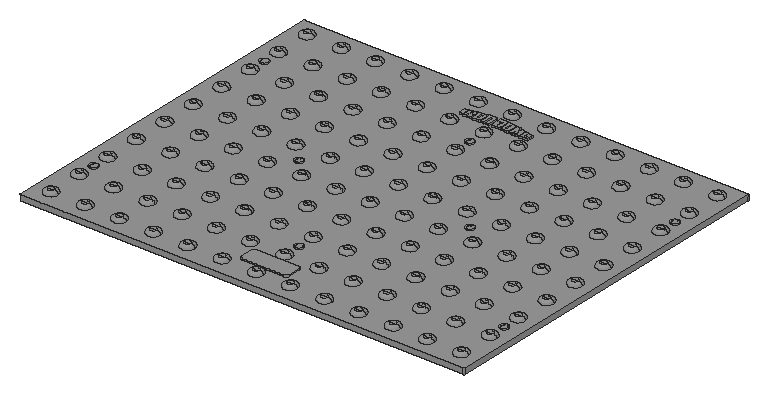
Revit family "Detectable-Warning-Surfaces_Cast-Iron-Dome-24x30_ADA-Solutions", category Generic Models, host Floor, Revit 2026 (continued)
Automatic sketch dimensions
  Extrusion 2 sketch curve to Extrusion 2 sketch curve = 0.11844"
  Extrusion 2 sketch curve to Extrusion 1 = 2.1853"
  Extrusion 2 sketch curve to Extrusion 2 sketch curve = 0.08477"
  Extrusion 2 sketch curve to Extrusion 2 sketch curve = 0.22495"
  Extrusion 2 sketch curve to Extrusion 1 = 2.00409"
  Extrusion 2 sketch curve to Extrusion 2 sketch curve = 0.15815"
  Extrusion 2 sketch curve to Extrusion 1 = 2.24003"
  Extrusion 2 sketch curve to Extrusion 2 sketch curve = 0.1587"
  Extrusion 2 sketch curve to Extrusion 1 = 2.30621"
  Extrusion 2 sketch curve to Extrusion 2 sketch curve = 0.00154"
  Extrusion 2 sketch curve to Extrusion 1 = 2.78982"
  Extrusion 2 sketch curve to Extrusion 2 sketch curve = 0.15845"
  Extrusion 2 sketch curve to Extrusion 1 = 2.30566"
  Extrusion 2 sketch curve to Extrusion 2 sketch curve = 0.23529"
  Extrusion 2 sketch curve to Extrusion 2 sketch curve = 0.03025"
  Extrusion 2 sketch curve to Extrusion 1 = 2.56104"
  Extrusion 2 sketch curve to Extrusion 2 sketch curve = 0.10088"
  Extrusion 2 sketch curve to Extrusion 1 = 2.24107"
  Extrusion 2 sketch curve to Extrusion 2 sketch curve = 0.04643"
  Extrusion 2 sketch curve to Extrusion 2 sketch curve = 0.09579"
  Extrusion 2 sketch curve to Extrusion 2 sketch curve = 0.14567"
  Extrusion 2 sketch curve to Extrusion 1 = 2.6426"
  Extrusion 2 sketch curve to Extrusion 2 sketch curve = 0.08155"
  Extrusion 2 sketch curve to Extrusion 1 = 2.21346"
  Extrusion 2 sketch curve to Extrusion 2 sketch curve = 0.08206"
  Extrusion 2 sketch curve to Extrusion 2 sketch curve = 0.03072"
  Extrusion 2 sketch curve to Extrusion 1 = 2.03191"
  Extrusion 2 sketch curve to Extrusion 2 sketch curve = 0.18127"
  Extrusion 2 sketch curve to Extrusion 1 = 2.78985"
  Extrusion 2 sketch curve to Extrusion 2 sketch curve = 0.07918"
  Extrusion 2 sketch curve to Extrusion 2 sketch curve = 0.1713"
  Extrusion 2 sketch curve to Extrusion 1 = 2.5705"
  Extrusion 2 sketch curve to Extrusion 2 sketch curve = 0.05311"
  Extrusion 2 sketch curve to Extrusion 1 = 2.25693"
  Extrusion 2 sketch curve to Extrusion 2 sketch curve = 0.22682"
  Extrusion 2 sketch curve to Extrusion 2 sketch curve = 0.0307"
  Extrusion 2 sketch curve to Extrusion 2 sketch curve = 0.08267"
  Extrusion 2 sketch curve to Extrusion 1 = 2.57185"
  Extrusion 2 sketch curve to Extrusion 2 sketch curve = 0.01597"
  Extrusion 2 sketch curve to Extrusion 1 = 2.26393"
  Extrusion 2 sketch curve to Extrusion 2 sketch curve = 0.0244"
  Extrusion 2 sketch curve to Extrusion 1 = 2.78867"
  Extrusion 2 sketch curve to Extrusion 2 sketch curve = 0.16541"
  Extrusion 2 sketch curve to Extrusion 1 = 2.0654"
  Extrusion 2 sketch curve to Extrusion 2 sketch curve = 0.12339"
  Extrusion 2 sketch curve to Extrusion 1 = 2.59933"
  Extrusion 2 sketch curve to Extrusion 2 sketch curve = 0.08734"
  Extrusion 2 sketch curve to Extrusion 1 = 2.23769"
  Extrusion 2 sketch curve to Extrusion 2 sketch curve = 0.08732"
  Extrusion 2 sketch curve to Extrusion 1 = 2.79059"
  Extrusion 2 sketch curve to Extrusion 2 sketch curve = 0.11185"
  Extrusion 2 sketch curve to Extrusion 1 = 2.08125"
  Extrusion 2 sketch curve to Extrusion 2 sketch curve = 0.11899"
  Extrusion 2 sketch curve to Extrusion 1 = 2.78967"
  Extrusion 2 sketch curve to Extrusion 2 sketch curve = 0.21542"
  Extrusion 2 sketch curve to Extrusion 1 = 2.5918"
  Extrusion 2 sketch curve to Extrusion 2 sketch curve = 0.00261"
  Extrusion 2 sketch curve to Extrusion 1 = 2.12234"
  Extrusion 2 sketch curve to Extrusion 2 sketch curve = 0.25784"
  Extrusion 2 sketch curve to Extrusion 2 sketch curve = 0.06914"
  Extrusion 2 sketch curve to Extrusion 1 = 2.35908"
  Extrusion 2 sketch curve to Extrusion 2 sketch curve = 0.07933"
  Extrusion 2 sketch curve to Extrusion 2 sketch curve = 2.81"
  Extrusion 2 sketch curve to Extrusion 2 sketch curve = 0"  (x4)
  Extrusion 2 sketch curve to Extrusion 2 sketch curve = 0.11008"
  Extrusion 2 sketch curve to Extrusion 1 = 2.14876"
  Extrusion 2 sketch curve to Extrusion 2 sketch curve = 0.16736"
  Extrusion 2 sketch curve to Extrusion 1 = 2.79007"
  Extrusion 2 sketch curve to Extrusion 2 sketch curve = 0.07795"
  Extrusion 2 sketch curve to Extrusion 1 = 2.59091"
  Extrusion 2 sketch curve to Extrusion 2 sketch curve = 0.00341"
  Extrusion 2 sketch curve to Extrusion 2 sketch curve = 0.20716"
  Extrusion 2 sketch curve to Extrusion 1 = 2.21068"
  Extrusion 2 sketch curve to Extrusion 2 sketch curve = 0.25433"
  Extrusion 2 sketch curve to Extrusion 2 sketch curve = 0.02672"
  Extrusion 2 sketch curve to Extrusion 1 = 2.21712"
  Extrusion 2 sketch curve to Extrusion 2 sketch curve = 0.02644"
  Extrusion 2 sketch curve to Extrusion 1 = 2.64652"
  Extrusion 2 sketch curve to Extrusion 2 sketch curve = 0.23151"
  Extrusion 2 sketch curve to Extrusion 1 = 2.60785"
  Extrusion 2 sketch curve to Extrusion 2 sketch curve = 0.00048"
  Extrusion 2 sketch curve to Extrusion 2 sketch curve = 0.00174"
  Extrusion 2 sketch curve to Extrusion 1 = 2.49887"
  Extrusion 2 sketch curve to Extrusion 2 sketch curve = 0.32292"
  Extrusion 2 sketch curve to Extrusion 2 sketch curve = 0.00053"  (x2)
  Extrusion 2 sketch curve to Extrusion 1 = 2.64206"
  Extrusion 2 sketch curve to Extrusion 2 sketch curve = 0.8"
  Extrusion 2 sketch curve to Extrusion 2 sketch curve = 0.30294"
  Extrusion 2 sketch curve to Extrusion 2 sketch curve = 0.00022"
  Extrusion 2 sketch curve to Extrusion 2 sketch curve = 0.00003"
  Extrusion 2 sketch curve to Extrusion 2 sketch curve = 0.00035"
  Extrusion 2 sketch curve to Extrusion 2 sketch curve = 0.00043"
  Extrusion 2 sketch curve to Extrusion 2 sketch curve = 0.10541"
  Extrusion 2 sketch curve to Extrusion 2 sketch curve = 0.03144"
  Extrusion 2 sketch curve to Extrusion 2 sketch curve = 0.06466"
  Extrusion 2 sketch curve to Extrusion 2 sketch curve = 0.00057"
  Extrusion 2 sketch curve to Extrusion 2 sketch curve = 0.03173"
  Extrusion 2 sketch curve to Extrusion 2 sketch curve = 0.13702"
  Extrusion 2 sketch curve to Extrusion 2 sketch curve = 0.03855"
  Extrusion 2 sketch curve to Extrusion 2 sketch curve = 0.00666"
  Extrusion 2 sketch curve to Extrusion 2 sketch curve = 0.01679"
  Extrusion 2 sketch curve to Extrusion 2 sketch curve = 0.0396"
  Extrusion 2 sketch curve to Extrusion 2 sketch curve = 0.07817"
  Extrusion 2 sketch curve to Extrusion 2 sketch curve = 0.00922"
  Extrusion 2 sketch curve to Extrusion 2 sketch curve = 0.06209"
  Extrusion 134 sketch curve to plane 7 = 1.14575"  (x2)
  Extrusion 134 sketch curve to plane 1 "Center (Front/Back)" = 0.00197"  (x2)
  Extrusion 134 sketch curve to plane 3 "Center (Left/Right)" = 5.77161"
  Extrusion 134 sketch curve to plane 3 "Center (Left/Right)" = 0.00303"  (x2)
  plane 3 "Center (Left/Right)" to Extrusion 134 sketch curve = 5.771"
  plane 6 to Extrusion 134 sketch curve = 1.15525"  (x2)
  Extrusion 134 sketch curve to plane 5 = 4.80184"  (x2)
  Extrusion 134 sketch curve to plane 5 = 4.79137"
  plane 4 to Extrusion 134 sketch curve = 4.8084"
  plane 4 to Extrusion 134 sketch curve = 4.80184"  (x2)
  Revolve 135 sketch curve to Revolve 135 sketch curve = 0.20697"
  Revolve 135 sketch curve to Revolve 135 sketch curve = 0.22892"
  Revolve 135 sketch curve to Revolve 135 sketch curve = 0.22606"
  Revolve 135 sketch curve to Revolve 135 sketch curve = 0.03352"
  Revolve 135 sketch curve to Revolve 135 sketch curve = 0"  (x3)
  Revolve 136 sketch curve to Revolve 136 sketch curve = 0.20697"
  Revolve 136 sketch curve to Revolve 136 sketch curve = 0.22892"
  Revolve 136 sketch curve to Revolve 136 sketch curve = 0.22606"
  Revolve 136 sketch curve to Revolve 136 sketch curve = 0.03352"
  Revolve 136 sketch curve to Revolve 136 sketch curve = 0"  (x3)
  Revolve 137 sketch curve to Revolve 137 sketch curve = 0.20697"
  Revolve 137 sketch curve to Revolve 137 sketch curve = 0.22892"
  Revolve 137 sketch curve to Revolve 137 sketch curve = 0.22606"
  Revolve 137 sketch curve to Revolve 137 sketch curve = 0.03352"
  Revolve 137 sketch curve to Revolve 137 sketch curve = 0"  (x3)
  Revolve 138 sketch curve to Revolve 138 sketch curve = 0.20697"
  Revolve 138 sketch curve to Revolve 138 sketch curve = 0.22892"
  Revolve 138 sketch curve to Revolve 138 sketch curve = 0.22606"
  Revolve 138 sketch curve to Revolve 138 sketch curve = 0.03352"
  Revolve 138 sketch curve to Revolve 138 sketch curve = 0"  (x3)
  Revolve 139 sketch curve to Revolve 139 sketch curve = 0.20697"
  Revolve 139 sketch curve to Revolve 139 sketch curve = 0.22892"
  Revolve 139 sketch curve to Revolve 139 sketch curve = 0.22606"
  Revolve 139 sketch curve to Revolve 139 sketch curve = 0.03352"
  Revolve 139 sketch curve to Revolve 139 sketch curve = 0"  (x3)
  Revolve 140 sketch curve to Revolve 140 sketch curve = 0.20697"
  Revolve 140 sketch curve to Revolve 140 sketch curve = 0.22892"
  Revolve 140 sketch curve to Revolve 140 sketch curve = 0.22606"
  Revolve 140 sketch curve to Revolve 140 sketch curve = 0.03352"
  Revolve 140 sketch curve to Revolve 140 sketch curve = 0"  (x3)
  Revolve 141 sketch curve to Revolve 141 sketch curve = 0.20697"
  Revolve 141 sketch curve to Revolve 141 sketch curve = 0.22892"
  Revolve 141 sketch curve to Revolve 141 sketch curve = 0.22606"
  Revolve 141 sketch curve to Revolve 141 sketch curve = 0.03352"
  Revolve 141 sketch curve to Revolve 141 sketch curve = 0"  (x3)
  Revolve 142 sketch curve to Revolve 142 sketch curve = 0.20697"
  Revolve 142 sketch curve to Revolve 142 sketch curve = 0.22892"
  Revolve 142 sketch curve to Revolve 142 sketch curve = 0.22606"
  Revolve 142 sketch curve to Revolve 142 sketch curve = 0.03352"
  Revolve 142 sketch curve to Revolve 142 sketch curve = 0"  (x3)
  Revolve 143 sketch curve to Revolve 143 sketch curve = 0.20697"
  Revolve 143 sketch curve to Revolve 143 sketch curve = 0.22892"
  Revolve 143 sketch curve to Revolve 143 sketch curve = 0.22606"
  Revolve 143 sketch curve to Revolve 143 sketch curve = 0.03352"
  Revolve 143 sketch curve to Revolve 143 sketch curve = 0"  (x3)
  Revolve 144 sketch curve to Revolve 144 sketch curve = 0.20697"
  Revolve 144 sketch curve to Revolve 144 sketch curve = 0.22892"
  Revolve 144 sketch curve to Revolve 144 sketch curve = 0.22606"
  Revolve 144 sketch curve to Revolve 144 sketch curve = 0.03352"
  Revolve 144 sketch curve to Revolve 144 sketch curve = 0"  (x3)
  Revolve 145 sketch curve to Revolve 145 sketch curve = 0.20697"
  Revolve 145 sketch curve to Revolve 145 sketch curve = 0.22892"
  Revolve 145 sketch curve to Revolve 145 sketch curve = 0.22606"
  Revolve 145 sketch curve to Revolve 145 sketch curve = 0.03352"
  Revolve 145 sketch curve to Revolve 145 sketch curve = 0"  (x3)
  Revolve 146 sketch curve to Revolve 146 sketch curve = 0.20697"
  Revolve 146 sketch curve to Revolve 146 sketch curve = 0.22892"
  Revolve 146 sketch curve to Revolve 146 sketch curve = 0.22606"
  Revolve 146 sketch curve to Revolve 146 sketch curve = 0.03352"
  Revolve 146 sketch curve to Revolve 146 sketch curve = 0"  (x3)
  Revolve 147 sketch curve to Revolve 147 sketch curve = 0.20697"
  Revolve 147 sketch curve to Revolve 147 sketch curve = 0.22892"
  Revolve 147 sketch curve to Revolve 147 sketch curve = 0.22606"
  Revolve 147 sketch curve to Revolve 147 sketch curve = 0.03352"
  Revolve 147 sketch curve to Revolve 147 sketch curve = 0"  (x3)
  Revolve 148 sketch curve to Revolve 148 sketch curve = 0.20697"
  Revolve 148 sketch curve to Revolve 148 sketch curve = 0.22892"
  Revolve 148 sketch curve to Revolve 148 sketch curve = 0.22606"
  Revolve 148 sketch curve to Revolve 148 sketch curve = 0.03352"
  Revolve 148 sketch curve to Revolve 148 sketch curve = 0"  (x3)
  Revolve 149 sketch curve to Revolve 149 sketch curve = 0.20697"
  Revolve 149 sketch curve to Revolve 149 sketch curve = 0.22892"
  Revolve 149 sketch curve to Revolve 149 sketch curve = 0.22606"
  Revolve 149 sketch curve to Revolve 149 sketch curve = 0.03352"
  Revolve 149 sketch curve to Revolve 149 sketch curve = 0"  (x3)
  Revolve 150 sketch curve to Revolve 150 sketch curve = 0.20697"
  Revolve 150 sketch curve to Revolve 150 sketch curve = 0.22892"
  Revolve 150 sketch curve to Revolve 150 sketch curve = 0.22606"
  Revolve 150 sketch curve to Revolve 150 sketch curve = 0.03352"
  Revolve 150 sketch curve to Revolve 150 sketch curve = 0"  (x3)
  Revolve 151 sketch curve to Revolve 151 sketch curve = 0.20697"
  Revolve 151 sketch curve to Revolve 151 sketch curve = 0.22892"
  Revolve 151 sketch curve to Revolve 151 sketch curve = 0.22606"
  Revolve 151 sketch curve to Revolve 151 sketch curve = 0.03352"
  Revolve 151 sketch curve to Revolve 151 sketch curve = 0"  (x3)
  Revolve 152 sketch curve to Revolve 152 sketch curve = 0.20697"
  Revolve 152 sketch curve to Revolve 152 sketch curve = 0.22892"
  Revolve 152 sketch curve to Revolve 152 sketch curve = 0.22606"
  Revolve 152 sketch curve to Revolve 152 sketch curve = 0.03352"
  Revolve 152 sketch curve to Revolve 152 sketch curve = 0"  (x3)
  Revolve 153 sketch curve to Revolve 153 sketch curve = 0.20697"
  Revolve 153 sketch curve to Revolve 153 sketch curve = 0.22892"
  Revolve 153 sketch curve to Revolve 153 sketch curve = 0.22606"
  Revolve 153 sketch curve to Revolve 153 sketch curve = 0.03352"
  Revolve 153 sketch curve to Revolve 153 sketch curve = 0"  (x3)
  Revolve 154 sketch curve to Revolve 154 sketch curve = 0.20697"
  Revolve 154 sketch curve to Revolve 154 sketch curve = 0.22892"
  Revolve 154 sketch curve to Revolve 154 sketch curve = 0.22606"
  Revolve 154 sketch curve to Revolve 154 sketch curve = 0.03352"
  Revolve 154 sketch curve to Revolve 154 sketch curve = 0"  (x3)
  Revolve 155 sketch curve to Revolve 155 sketch curve = 0.20697"
  Revolve 155 sketch curve to Revolve 155 sketch curve = 0.22892"
  Revolve 155 sketch curve to Revolve 155 sketch curve = 0.22606"
  Revolve 155 sketch curve to Revolve 155 sketch curve = 0.03352"
  Revolve 155 sketch curve to Revolve 155 sketch curve = 0"  (x3)
  Revolve 156 sketch curve to Revolve 156 sketch curve = 0.20697"
  Revolve 156 sketch curve to Revolve 156 sketch curve = 0.22892"
  Revolve 156 sketch curve to Revolve 156 sketch curve = 0.22606"
  Revolve 156 sketch curve to Revolve 156 sketch curve = 0.03352"
  Revolve 156 sketch curve to Revolve 156 sketch curve = 0"  (x3)
  Revolve 157 sketch curve to Revolve 157 sketch curve = 0.20697"
  Revolve 157 sketch curve to Revolve 157 sketch curve = 0.22892"
  Revolve 157 sketch curve to Revolve 157 sketch curve = 0.22606"
  Revolve 157 sketch curve to Revolve 157 sketch curve = 0.03352"
  Revolve 157 sketch curve to Revolve 157 sketch curve = 0"  (x3)
  Revolve 158 sketch curve to Revolve 158 sketch curve = 0.20697"
  Revolve 158 sketch curve to Revolve 158 sketch curve = 0.22892"
  Revolve 158 sketch curve to Revolve 158 sketch curve = 0.22606"
  Revolve 158 sketch curve to Revolve 158 sketch curve = 0.03352"
  Revolve 158 sketch curve to Revolve 158 sketch curve = 0"  (x3)
  Revolve 159 sketch curve to Revolve 159 sketch curve = 0.20697"
  Revolve 159 sketch curve to Revolve 159 sketch curve = 0.22892"
  Revolve 159 sketch curve to Revolve 159 sketch curve = 0.22606"
  Revolve 159 sketch curve to Revolve 159 sketch curve = 0.03352"
  Revolve 159 sketch curve to Revolve 159 sketch curve = 0"  (x3)
  Revolve 160 sketch curve to Revolve 160 sketch curve = 0.20697"
  Revolve 160 sketch curve to Revolve 160 sketch curve = 0.22892"
  Revolve 160 sketch curve to Revolve 160 sketch curve = 0.22606"
  Revolve 160 sketch curve to Revolve 160 sketch curve = 0.03352"
  Revolve 160 sketch curve to Revolve 160 sketch curve = 0"  (x3)
  Revolve 161 sketch curve to Revolve 161 sketch curve = 0.20697"
  Revolve 161 sketch curve to Revolve 161 sketch curve = 0.22892"
  Revolve 161 sketch curve to Revolve 161 sketch curve = 0.22606"
  Revolve 161 sketch curve to Revolve 161 sketch curve = 0.03352"
  Revolve 161 sketch curve to Revolve 161 sketch curve = 0"  (x3)
  Revolve 162 sketch curve to Revolve 162 sketch curve = 0.20697"
  Revolve 162 sketch curve to Revolve 162 sketch curve = 0.22892"
  Revolve 162 sketch curve to Revolve 162 sketch curve = 0.22606"
  Revolve 162 sketch curve to Revolve 162 sketch curve = 0.03352"
  Revolve 162 sketch curve to Revolve 162 sketch curve = 0"  (x3)
  Revolve 163 sketch curve to Revolve 163 sketch curve = 0.20697"
  Revolve 163 sketch curve to Revolve 163 sketch curve = 0.22892"
  Revolve 163 sketch curve to Revolve 163 sketch curve = 0.22606"
  Revolve 163 sketch curve to Revolve 163 sketch curve = 0.03352"
  Revolve 163 sketch curve to Revolve 163 sketch curve = 0"  (x3)
  Revolve 164 sketch curve to Revolve 164 sketch curve = 0.20697"
  Revolve 164 sketch curve to Revolve 164 sketch curve = 0.22892"
  Revolve 164 sketch curve to Revolve 164 sketch curve = 0.22606"
  Revolve 164 sketch curve to Revolve 164 sketch curve = 0.03352"
  Revolve 164 sketch curve to Revolve 164 sketch curve = 0"  (x3)
  Revolve 165 sketch curve to Revolve 165 sketch curve = 0.20697"
  Revolve 165 sketch curve to Revolve 165 sketch curve = 0.22892"
  Revolve 165 sketch curve to Revolve 165 sketch curve = 0.22606"
  Revolve 165 sketch curve to Revolve 165 sketch curve = 0.03352"
  Revolve 165 sketch curve to Revolve 165 sketch curve = 0"  (x3)
  Revolve 166 sketch curve to Revolve 166 sketch curve = 0.20697"
  Revolve 166 sketch curve to Revolve 166 sketch curve = 0.22892"
  Revolve 166 sketch curve to Revolve 166 sketch curve = 0.22606"
  Revolve 166 sketch curve to Revolve 166 sketch curve = 0.03352"
  Revolve 166 sketch curve to Revolve 166 sketch curve = 0"  (x3)
  Revolve 167 sketch curve to Revolve 167 sketch curve = 0.20697"
  Revolve 167 sketch curve to Revolve 167 sketch curve = 0.22892"
  Revolve 167 sketch curve to Revolve 167 sketch curve = 0.22606"
  Revolve 167 sketch curve to Revolve 167 sketch curve = 0.03352"
  Revolve 167 sketch curve to Revolve 167 sketch curve = 0"  (x3)
  Revolve 168 sketch curve to Revolve 168 sketch curve = 0.20697"
  Revolve 168 sketch curve to Revolve 168 sketch curve = 0.22892"
  Revolve 168 sketch curve to Revolve 168 sketch curve = 0.22606"
  Revolve 168 sketch curve to Revolve 168 sketch curve = 0.03352"
  Revolve 168 sketch curve to Revolve 168 sketch curve = 0"  (x3)
  Revolve 169 sketch curve to Revolve 169 sketch curve = 0.20697"
  Revolve 169 sketch curve to Revolve 169 sketch curve = 0.22892"
  Revolve 169 sketch curve to Revolve 169 sketch curve = 0.22606"
  Revolve 169 sketch curve to Revolve 169 sketch curve = 0.03352"
  Revolve 169 sketch curve to Revolve 169 sketch curve = 0"  (x3)
  Revolve 170 sketch curve to Revolve 170 sketch curve = 0.20697"
  Revolve 170 sketch curve to Revolve 170 sketch curve = 0.22892"
  Revolve 170 sketch curve to Revolve 170 sketch curve = 0.22606"
  Revolve 170 sketch curve to Revolve 170 sketch curve = 0.03352"
  Revolve 170 sketch curve to Revolve 170 sketch curve = 0"  (x3)
  Revolve 171 sketch curve to Revolve 171 sketch curve = 0.20697"
  Revolve 171 sketch curve to Revolve 171 sketch curve = 0.22892"
  Revolve 171 sketch curve to Revolve 171 sketch curve = 0.22606"
  Revolve 171 sketch curve to Revolve 171 sketch curve = 0.03352"
  Revolve 171 sketch curve to Revolve 171 sketch curve = 0"  (x3)
  Revolve 172 sketch curve to Revolve 172 sketch curve = 0.20697"
  Revolve 172 sketch curve to Revolve 172 sketch curve = 0.22892"
  Revolve 172 sketch curve to Revolve 172 sketch curve = 0.22606"
  Revolve 172 sketch curve to Revolve 172 sketch curve = 0.03352"
  Revolve 172 sketch curve to Revolve 172 sketch curve = 0"  (x3)
  Revolve 173 sketch curve to Revolve 173 sketch curve = 0.20697"
  Revolve 173 sketch curve to Revolve 173 sketch curve = 0.22892"
  Revolve 173 sketch curve to Revolve 173 sketch curve = 0.22606"
  Revolve 173 sketch curve to Revolve 173 sketch curve = 0.03352"
  Revolve 173 sketch curve to Revolve 173 sketch curve = 0"  (x3)
  Revolve 174 sketch curve to Revolve 174 sketch curve = 0.20697"
  Revolve 174 sketch curve to Revolve 174 sketch curve = 0.22892"
  Revolve 174 sketch curve to Revolve 174 sketch curve = 0.22606"
  Revolve 174 sketch curve to Revolve 174 sketch curve = 0.03352"
  Revolve 174 sketch curve to Revolve 174 sketch curve = 0"  (x3)
  Revolve 175 sketch curve to Revolve 175 sketch curve = 0.20697"
  Revolve 175 sketch curve to Revolve 175 sketch curve = 0.22892"
  Revolve 175 sketch curve to Revolve 175 sketch curve = 0.22606"
  Revolve 175 sketch curve to Revolve 175 sketch curve = 0.03352"
  Revolve 175 sketch curve to Revolve 175 sketch curve = 0"  (x3)
  Revolve 176 sketch curve to Revolve 176 sketch curve = 0.20697"
  Revolve 176 sketch curve to Revolve 176 sketch curve = 0.22892"
  Revolve 176 sketch curve to Revolve 176 sketch curve = 0.22606"
  Revolve 176 sketch curve to Revolve 176 sketch curve = 0.03352"
  Revolve 176 sketch curve to Revolve 176 sketch curve = 0"  (x3)
  Revolve 177 sketch curve to Revolve 177 sketch curve = 0.20697"
  Revolve 177 sketch curve to Revolve 177 sketch curve = 0.22892"
  Revolve 177 sketch curve to Revolve 177 sketch curve = 0.22606"
  Revolve 177 sketch curve to Revolve 177 sketch curve = 0.03352"
  Revolve 177 sketch curve to Revolve 177 sketch curve = 0"  (x3)
  Revolve 178 sketch curve to Revolve 178 sketch curve = 0.20697"
  Revolve 178 sketch curve to Revolve 178 sketch curve = 0.22892"
  Revolve 178 sketch curve to Revolve 178 sketch curve = 0.22606"
  Revolve 178 sketch curve to Revolve 178 sketch curve = 0.03352"
  Revolve 178 sketch curve to Revolve 178 sketch curve = 0"  (x3)
  Revolve 179 sketch curve to Revolve 179 sketch curve = 0.20697"
  Revolve 179 sketch curve to Revolve 179 sketch curve = 0.22892"
  Revolve 179 sketch curve to Revolve 179 sketch curve = 0.22606"
  Revolve 179 sketch curve to Revolve 179 sketch curve = 0.03352"
  Revolve 179 sketch curve to Revolve 179 sketch curve = 0"  (x3)
  Revolve 180 sketch curve to Revolve 180 sketch curve = 0.20697"
  Revolve 180 sketch curve to Revolve 180 sketch curve = 0.22892"
  Revolve 180 sketch curve to Revolve 180 sketch curve = 0.22606"
  Revolve 180 sketch curve to Revolve 180 sketch curve = 0.03352"
  Revolve 180 sketch curve to Revolve 180 sketch curve = 0"  (x3)
  Revolve 181 sketch curve to Revolve 181 sketch curve = 0.20697"
  Revolve 181 sketch curve to Revolve 181 sketch curve = 0.22892"
  Revolve 181 sketch curve to Revolve 181 sketch curve = 0.22606"
  Revolve 181 sketch curve to Revolve 181 sketch curve = 0.03352"
  Revolve 181 sketch curve to Revolve 181 sketch curve = 0"  (x3)
  Revolve 182 sketch curve to Revolve 182 sketch curve = 0.20697"
  Revolve 182 sketch curve to Revolve 182 sketch curve = 0.22892"
  Revolve 182 sketch curve to Revolve 182 sketch curve = 0.22606"
  Revolve 182 sketch curve to Revolve 182 sketch curve = 0.03352"
  Revolve 182 sketch curve to Revolve 182 sketch curve = 0"  (x3)
  Revolve 183 sketch curve to Revolve 183 sketch curve = 0.20697"
  Revolve 183 sketch curve to Revolve 183 sketch curve = 0.22892"
  Revolve 183 sketch curve to Revolve 183 sketch curve = 0.22606"
  Revolve 183 sketch curve to Revolve 183 sketch curve = 0.03352"
  Revolve 183 sketch curve to Revolve 183 sketch curve = 0"  (x3)
  Revolve 184 sketch curve to Revolve 184 sketch curve = 0.20697"
  Revolve 184 sketch curve to Revolve 184 sketch curve = 0.22892"
  Revolve 184 sketch curve to Revolve 184 sketch curve = 0.22606"
  Revolve 184 sketch curve to Revolve 184 sketch curve = 0.03352"
  Revolve 184 sketch curve to Revolve 184 sketch curve = 0"  (x3)
  Revolve 185 sketch curve to Revolve 185 sketch curve = 0.20697"
  Revolve 185 sketch curve to Revolve 185 sketch curve = 0.22892"
  Revolve 185 sketch curve to Revolve 185 sketch curve = 0.22606"
  Revolve 185 sketch curve to Revolve 185 sketch curve = 0.03352"
  Revolve 185 sketch curve to Revolve 185 sketch curve = 0"  (x3)
  Revolve 186 sketch curve to Revolve 186 sketch curve = 0.20697"
  Revolve 186 sketch curve to Revolve 186 sketch curve = 0.22892"
  Revolve 186 sketch curve to Revolve 186 sketch curve = 0.22606"
  Revolve 186 sketch curve to Revolve 186 sketch curve = 0.03352"
  Revolve 186 sketch curve to Revolve 186 sketch curve = 0"  (x3)
  Revolve 187 sketch curve to Revolve 187 sketch curve = 0.20697"
  Revolve 187 sketch curve to Revolve 187 sketch curve = 0.22892"
  Revolve 187 sketch curve to Revolve 187 sketch curve = 0.22606"
  Revolve 187 sketch curve to Revolve 187 sketch curve = 0.03352"
  Revolve 187 sketch curve to Revolve 187 sketch curve = 0"  (x3)
  Revolve 188 sketch curve to Revolve 188 sketch curve = 0.20697"
  Revolve 188 sketch curve to Revolve 188 sketch curve = 0.22892"
  Revolve 188 sketch curve to Revolve 188 sketch curve = 0.22606"
  Revolve 188 sketch curve to Revolve 188 sketch curve = 0.03352"
  Revolve 188 sketch curve to Revolve 188 sketch curve = 0"  (x3)
  Revolve 189 sketch curve to Revolve 189 sketch curve = 0.20697"
  Revolve 189 sketch curve to Revolve 189 sketch curve = 0.22892"
  Revolve 189 sketch curve to Revolve 189 sketch curve = 0.22606"
  Revolve 189 sketch curve to Revolve 189 sketch curve = 0.03352"
  Revolve 189 sketch curve to Revolve 189 sketch curve = 0"  (x3)
  Revolve 190 sketch curve to Revolve 190 sketch curve = 0.20697"
  Revolve 190 sketch curve to Revolve 190 sketch curve = 0.22892"
  Revolve 190 sketch curve to Revolve 190 sketch curve = 0.22606"
  Revolve 190 sketch curve to Revolve 190 sketch curve = 0.03352"
  Revolve 190 sketch curve to Revolve 190 sketch curve = 0"  (x3)
  Revolve 191 sketch curve to Revolve 191 sketch curve = 0.20697"
  Revolve 191 sketch curve to Revolve 191 sketch curve = 0.22892"
  Revolve 191 sketch curve to Revolve 191 sketch curve = 0.22606"
  Revolve 191 sketch curve to Revolve 191 sketch curve = 0.03352"
  Revolve 191 sketch curve to Revolve 191 sketch curve = 0"  (x3)
  Revolve 192 sketch curve to Revolve 192 sketch curve = 0.20697"
  Revolve 192 sketch curve to Revolve 192 sketch curve = 0.22892"
  Revolve 192 sketch curve to Revolve 192 sketch curve = 0.22606"
  Revolve 192 sketch curve to Revolve 192 sketch curve = 0.03352"
  Revolve 192 sketch curve to Revolve 192 sketch curve = 0"  (x3)
  Revolve 193 sketch curve to Revolve 193 sketch curve = 0.20697"
  Revolve 193 sketch curve to Revolve 193 sketch curve = 0.22892"
  Revolve 193 sketch curve to Revolve 193 sketch curve = 0.22606"
  Revolve 193 sketch curve to Revolve 193 sketch curve = 0.03352"
  Revolve 193 sketch curve to Revolve 193 sketch curve = 0"  (x3)
  Revolve 194 sketch curve to Revolve 194 sketch curve = 0.20697"
  Revolve 194 sketch curve to Revolve 194 sketch curve = 0.22892"
  Revolve 194 sketch curve to Revolve 194 sketch curve = 0.22606"
  Revolve 194 sketch curve to Revolve 194 sketch curve = 0.03352"
  Revolve 194 sketch curve to Revolve 194 sketch curve = 0"  (x3)
  Revolve 195 sketch curve to Revolve 195 sketch curve = 0.20697"
  Revolve 195 sketch curve to Revolve 195 sketch curve = 0.22892"
  Revolve 195 sketch curve to Revolve 195 sketch curve = 0.22606"
  Revolve 195 sketch curve to Revolve 195 sketch curve = 0.03352"
  Revolve 195 sketch curve to Revolve 195 sketch curve = 0"  (x3)
  Revolve 196 sketch curve to Revolve 196 sketch curve = 0.20697"
  Revolve 196 sketch curve to Revolve 196 sketch curve = 0.22892"
  Revolve 196 sketch curve to Revolve 196 sketch curve = 0.22606"
  Revolve 196 sketch curve to Revolve 196 sketch curve = 0.03352"
  Revolve 196 sketch curve to Revolve 196 sketch curve = 0"  (x3)
  Revolve 197 sketch curve to Revolve 197 sketch curve = 0.20697"
  Revolve 197 sketch curve to Revolve 197 sketch curve = 0.22892"
  Revolve 197 sketch curve to Revolve 197 sketch curve = 0.22606"
  Revolve 197 sketch curve to Revolve 197 sketch curve = 0.03352"
  Revolve 197 sketch curve to Revolve 197 sketch curve = 0"  (x3)
  Revolve 198 sketch curve to Revolve 198 sketch curve = 0.20697"
  Revolve 198 sketch curve to Revolve 198 sketch curve = 0.22892"
  Revolve 198 sketch curve to Revolve 198 sketch curve = 0.22606"
  Revolve 198 sketch curve to Revolve 198 sketch curve = 0.03352"
  Revolve 198 sketch curve to Revolve 198 sketch curve = 0"  (x3)
  Revolve 199 sketch curve to Revolve 199 sketch curve = 0.20697"
  Revolve 199 sketch curve to Revolve 199 sketch curve = 0.22892"
  Revolve 199 sketch curve to Revolve 199 sketch curve = 0.22606"
  Revolve 199 sketch curve to Revolve 199 sketch curve = 0.03352"
  Revolve 199 sketch curve to Revolve 199 sketch curve = 0"  (x3)
  Revolve 200 sketch curve to Revolve 200 sketch curve = 0.20697"
  Revolve 200 sketch curve to Revolve 200 sketch curve = 0.22892"
  Revolve 200 sketch curve to Revolve 200 sketch curve = 0.22606"
  Revolve 200 sketch curve to Revolve 200 sketch curve = 0.03352"
  Revolve 200 sketch curve to Revolve 200 sketch curve = 0"  (x3)
  Revolve 201 sketch curve to Revolve 201 sketch curve = 0.20697"
  Revolve 201 sketch curve to Revolve 201 sketch curve = 0.22892"
  Revolve 201 sketch curve to Revolve 201 sketch curve = 0.22606"
  Revolve 201 sketch curve to Revolve 201 sketch curve = 0.03352"
  Revolve 201 sketch curve to Revolve 201 sketch curve = 0"  (x3)
  Revolve 202 sketch curve to Revolve 202 sketch curve = 0.20697"
  Revolve 202 sketch curve to Revolve 202 sketch curve = 0.22892"
  Revolve 202 sketch curve to Revolve 202 sketch curve = 0.22606"
  Revolve 202 sketch curve to Revolve 202 sketch curve = 0.03352"
  Revolve 202 sketch curve to Revolve 202 sketch curve = 0"  (x3)
  Revolve 203 sketch curve to Revolve 203 sketch curve = 0.20697"
  Revolve 203 sketch curve to Revolve 203 sketch curve = 0.22892"
  Revolve 203 sketch curve to Revolve 203 sketch curve = 0.22606"
  Revolve 203 sketch curve to Revolve 203 sketch curve = 0.03352"
  Revolve 203 sketch curve to Revolve 203 sketch curve = 0"  (x3)
  Revolve 204 sketch curve to Revolve 204 sketch curve = 0.20697"
  Revolve 204 sketch curve to Revolve 204 sketch curve = 0.22892"
  Revolve 204 sketch curve to Revolve 204 sketch curve = 0.22606"
  Revolve 204 sketch curve to Revolve 204 sketch curve = 0.03352"
  Revolve 204 sketch curve to Revolve 204 sketch curve = 0"  (x3)
  Revolve 205 sketch curve to Revolve 205 sketch curve = 0.20697"
  Revolve 205 sketch curve to Revolve 205 sketch curve = 0.22892"
  Revolve 205 sketch curve to Revolve 205 sketch curve = 0.22606"
  Revolve 205 sketch curve to Revolve 205 sketch curve = 0.03352"
  Revolve 205 sketch curve to Revolve 205 sketch curve = 0"  (x3)
  Revolve 206 sketch curve to Revolve 206 sketch curve = 0.20697"
  Revolve 206 sketch curve to Revolve 206 sketch curve = 0.22892"
  Revolve 206 sketch curve to Revolve 206 sketch curve = 0.22606"
  Revolve 206 sketch curve to Revolve 206 sketch curve = 0.03352"
  Revolve 206 sketch curve to Revolve 206 sketch curve = 0"  (x3)
  Revolve 207 sketch curve to Revolve 207 sketch curve = 0.20697"
  Revolve 207 sketch curve to Revolve 207 sketch curve = 0.22892"
  Revolve 207 sketch curve to Revolve 207 sketch curve = 0.22606"
  Revolve 207 sketch curve to Revolve 207 sketch curve = 0.03352"
  Revolve 207 sketch curve to Revolve 207 sketch curve = 0"  (x3)
  Revolve 208 sketch curve to Revolve 208 sketch curve = 0.20697"
  Revolve 208 sketch curve to Revolve 208 sketch curve = 0.22892"
  Revolve 208 sketch curve to Revolve 208 sketch curve = 0.22606"
  Revolve 208 sketch curve to Revolve 208 sketch curve = 0.03352"
  Revolve 208 sketch curve to Revolve 208 sketch curve = 0"  (x3)
  Revolve 209 sketch curve to Revolve 209 sketch curve = 0.20697"
  Revolve 209 sketch curve to Revolve 209 sketch curve = 0.22892"
  Revolve 209 sketch curve to Revolve 209 sketch curve = 0.22606"
  Revolve 209 sketch curve to Revolve 209 sketch curve = 0.03352"
  Revolve 209 sketch curve to Revolve 209 sketch curve = 0"  (x3)
  Revolve 210 sketch curve to Revolve 210 sketch curve = 0.20697"
  Revolve 210 sketch curve to Revolve 210 sketch curve = 0.22892"
  Revolve 210 sketch curve to Revolve 210 sketch curve = 0.22606"
  Revolve 210 sketch curve to Revolve 210 sketch curve = 0.03352"
  Revolve 210 sketch curve to Revolve 210 sketch curve = 0"  (x3)
  Revolve 211 sketch curve to Revolve 211 sketch curve = 0.20697"
  Revolve 211 sketch curve to Revolve 211 sketch curve = 0.22892"
  Revolve 211 sketch curve to Revolve 211 sketch curve = 0.22606"
  Revolve 211 sketch curve to Revolve 211 sketch curve = 0.03352"
  Revolve 211 sketch curve to Revolve 211 sketch curve = 0"  (x3)
  Revolve 212 sketch curve to Revolve 212 sketch curve = 0.20697"
  Revolve 212 sketch curve to Revolve 212 sketch curve = 0.22892"
  Revolve 212 sketch curve to Revolve 212 sketch curve = 0.22606"
  Revolve 212 sketch curve to Revolve 212 sketch curve = 0.03352"
  Revolve 212 sketch curve to Revolve 212 sketch curve = 0"  (x3)
  Revolve 213 sketch curve to Revolve 213 sketch curve = 0.20697"
  Revolve 213 sketch curve to Revolve 213 sketch curve = 0.22892"
  Revolve 213 sketch curve to Revolve 213 sketch curve = 0.22606"
  Revolve 213 sketch curve to Revolve 213 sketch curve = 0.03352"
  Revolve 213 sketch curve to Revolve 213 sketch curve = 0"  (x3)
  Revolve 214 sketch curve to Revolve 214 sketch curve = 0.20697"
  Revolve 214 sketch curve to Revolve 214 sketch curve = 0.22892"
  Revolve 214 sketch curve to Revolve 214 sketch curve = 0.22606"
  Revolve 214 sketch curve to Revolve 214 sketch curve = 0.03352"
  Revolve 214 sketch curve to Revolve 214 sketch curve = 0"  (x3)
  Revolve 215 sketch curve to Revolve 215 sketch curve = 0.20697"
  Revolve 215 sketch curve to Revolve 215 sketch curve = 0.22892"
  Revolve 215 sketch curve to Revolve 215 sketch curve = 0.22606"
  Revolve 215 sketch curve to Revolve 215 sketch curve = 0.03352"
  Revolve 215 sketch curve to Revolve 215 sketch curve = 0"  (x3)
  Revolve 216 sketch curve to Revolve 216 sketch curve = 0.20697"
  Revolve 216 sketch curve to Revolve 216 sketch curve = 0.22892"
  Revolve 216 sketch curve to Revolve 216 sketch curve = 0.22606"
  Revolve 216 sketch curve to Revolve 216 sketch curve = 0.03352"
  Revolve 216 sketch curve to Revolve 216 sketch curve = 0"  (x3)
  Revolve 217 sketch curve to Revolve 217 sketch curve = 0.20697"
  Revolve 217 sketch curve to Revolve 217 sketch curve = 0.22892"
  Revolve 217 sketch curve to Revolve 217 sketch curve = 0.22606"
  Revolve 217 sketch curve to Revolve 217 sketch curve = 0.03352"
  Revolve 217 sketch curve to Revolve 217 sketch curve = 0"  (x3)
  Revolve 218 sketch curve to Revolve 218 sketch curve = 0.20697"
  Revolve 218 sketch curve to Revolve 218 sketch curve = 0.22892"
  Revolve 218 sketch curve to Revolve 218 sketch curve = 0.22606"
  Revolve 218 sketch curve to Revolve 218 sketch curve = 0.03352"
  Revolve 218 sketch curve to Revolve 218 sketch curve = 0"  (x3)
  Revolve 219 sketch curve to Revolve 219 sketch curve = 0.20697"
  Revolve 219 sketch curve to Revolve 219 sketch curve = 0.22892"
  Revolve 219 sketch curve to Revolve 219 sketch curve = 0.22606"
  Revolve 219 sketch curve to Revolve 219 sketch curve = 0.03352"
  Revolve 219 sketch curve to Revolve 219 sketch curve = 0"  (x3)
  Revolve 220 sketch curve to Revolve 220 sketch curve = 0.20697"
  Revolve 220 sketch curve to Revolve 220 sketch curve = 0.22892"
  Revolve 220 sketch curve to Revolve 220 sketch curve = 0.22606"
  Revolve 220 sketch curve to Revolve 220 sketch curve = 0.03352"
  Revolve 220 sketch curve to Revolve 220 sketch curve = 0"  (x3)
  Revolve 221 sketch curve to Revolve 221 sketch curve = 0.20697"
  Revolve 221 sketch curve to Revolve 221 sketch curve = 0.22892"
  Revolve 221 sketch curve to Revolve 221 sketch curve = 0.22606"
  Revolve 221 sketch curve to Revolve 221 sketch curve = 0.03352"
  Revolve 221 sketch curve to Revolve 221 sketch curve = 0"  (x3)
  Revolve 222 sketch curve to Revolve 222 sketch curve = 0.20697"
  Revolve 222 sketch curve to Revolve 222 sketch curve = 0.22892"
  Revolve 222 sketch curve to Revolve 222 sketch curve = 0.22606"
  Revolve 222 sketch curve to Revolve 222 sketch curve = 0.03352"
  Revolve 222 sketch curve to Revolve 222 sketch curve = 0"  (x3)
  Revolve 223 sketch curve to Revolve 223 sketch curve = 0.20697"
  Revolve 223 sketch curve to Revolve 223 sketch curve = 0.22892"
  Revolve 223 sketch curve to Revolve 223 sketch curve = 0.22606"
  Revolve 223 sketch curve to Revolve 223 sketch curve = 0.03352"
  Revolve 223 sketch curve to Revolve 223 sketch curve = 0"  (x3)
  Revolve 224 sketch curve to Revolve 224 sketch curve = 0.20697"
  Revolve 224 sketch curve to Revolve 224 sketch curve = 0.22892"
  Revolve 224 sketch curve to Revolve 224 sketch curve = 0.22606"
  Revolve 224 sketch curve to Revolve 224 sketch curve = 0.03352"
  Revolve 224 sketch curve to Revolve 224 sketch curve = 0"  (x3)
  Revolve 225 sketch curve to Revolve 225 sketch curve = 0.20697"
  Revolve 225 sketch curve to Revolve 225 sketch curve = 0.22892"
  Revolve 225 sketch curve to Revolve 225 sketch curve = 0.22606"
  Revolve 225 sketch curve to Revolve 225 sketch curve = 0.03352"
  Revolve 225 sketch curve to Revolve 225 sketch curve = 0"  (x3)
  Revolve 226 sketch curve to Revolve 226 sketch curve = 0.20697"
  Revolve 226 sketch curve to Revolve 226 sketch curve = 0.22892"
  Revolve 226 sketch curve to Revolve 226 sketch curve = 0.22606"
  Revolve 226 sketch curve to Revolve 226 sketch curve = 0.03352"
  Revolve 226 sketch curve to Revolve 226 sketch curve = 0"  (x3)
  Revolve 227 sketch curve to Revolve 227 sketch curve = 0.20697"
  Revolve 227 sketch curve to Revolve 227 sketch curve = 0.22892"
  Revolve 227 sketch curve to Revolve 227 sketch curve = 0.22606"
  Revolve 227 sketch curve to Revolve 227 sketch curve = 0.03352"
  Revolve 227 sketch curve to Revolve 227 sketch curve = 0"  (x3)
  Revolve 228 sketch curve to Revolve 228 sketch curve = 0.20697"
  Revolve 228 sketch curve to Revolve 228 sketch curve = 0.22892"
  Revolve 228 sketch curve to Revolve 228 sketch curve = 0.22606"
  Revolve 228 sketch curve to Revolve 228 sketch curve = 0.03352"
  Revolve 228 sketch curve to Revolve 228 sketch curve = 0"  (x3)
  Revolve 229 sketch curve to Revolve 229 sketch curve = 0.20697"
  Revolve 229 sketch curve to Revolve 229 sketch curve = 0.22892"
  Revolve 229 sketch curve to Revolve 229 sketch curve = 0.22606"
  Revolve 229 sketch curve to Revolve 229 sketch curve = 0.03352"
  Revolve 229 sketch curve to Revolve 229 sketch curve = 0"  (x3)
  Revolve 230 sketch curve to Revolve 230 sketch curve = 0.20697"
  Revolve 230 sketch curve to Revolve 230 sketch curve = 0.22892"
  Revolve 230 sketch curve to Revolve 230 sketch curve = 0.22606"
  Revolve 230 sketch curve to Revolve 230 sketch curve = 0.03352"
  Revolve 230 sketch curve to Revolve 230 sketch curve = 0"  (x3)
  Revolve 231 sketch curve to Revolve 231 sketch curve = 0.20697"
  Revolve 231 sketch curve to Revolve 231 sketch curve = 0.22892"
  Revolve 231 sketch curve to Revolve 231 sketch curve = 0.22606"
  Revolve 231 sketch curve to Revolve 231 sketch curve = 0.03352"
  Revolve 231 sketch curve to Revolve 231 sketch curve = 0"  (x3)
  Revolve 232 sketch curve to Revolve 232 sketch curve = 0.20697"
  Revolve 232 sketch curve to Revolve 232 sketch curve = 0.22892"
  Revolve 232 sketch curve to Revolve 232 sketch curve = 0.22606"
  Revolve 232 sketch curve to Revolve 232 sketch curve = 0.03352"
  Revolve 232 sketch curve to Revolve 232 sketch curve = 0"  (x3)
  Revolve 233 sketch curve to Revolve 233 sketch curve = 0.20697"
  Revolve 233 sketch curve to Revolve 233 sketch curve = 0.22892"
  Revolve 233 sketch curve to Revolve 233 sketch curve = 0.22606"
  Revolve 233 sketch curve to Revolve 233 sketch curve = 0.03352"
  Revolve 233 sketch curve to Revolve 233 sketch curve = 0"  (x3)
  Revolve 234 sketch curve to Revolve 234 sketch curve = 0.20697"
  Revolve 234 sketch curve to Revolve 234 sketch curve = 0.22892"
  Revolve 234 sketch curve to Revolve 234 sketch curve = 0.22606"
  Revolve 234 sketch curve to Revolve 234 sketch curve = 0.03352"
  Revolve 234 sketch curve to Revolve 234 sketch curve = 0"  (x3)
  Revolve 235 sketch curve to Revolve 235 sketch curve = 0.20697"
  Revolve 235 sketch curve to Revolve 235 sketch curve = 0.22892"
  Revolve 235 sketch curve to Revolve 235 sketch curve = 0.22606"
  Revolve 235 sketch curve to Revolve 235 sketch curve = 0.03352"
  Revolve 235 sketch curve to Revolve 235 sketch curve = 0"  (x3)
  Revolve 236 sketch curve to Revolve 236 sketch curve = 0.20697"
  Revolve 236 sketch curve to Revolve 236 sketch curve = 0.22892"
  Revolve 236 sketch curve to Revolve 236 sketch curve = 0.22606"
  Revolve 236 sketch curve to Revolve 236 sketch curve = 0.03352"
  Revolve 236 sketch curve to Revolve 236 sketch curve = 0"  (x3)
  Revolve 237 sketch curve to Revolve 237 sketch curve = 0.20697"
  Revolve 237 sketch curve to Revolve 237 sketch curve = 0.22892"
  Revolve 237 sketch curve to Revolve 237 sketch curve = 0.22606"
  Revolve 237 sketch curve to Revolve 237 sketch curve = 0.03352"
  Revolve 237 sketch curve to Revolve 237 sketch curve = 0"  (x3)
  Revolve 238 sketch curve to Revolve 238 sketch curve = 0.20697"
  Revolve 238 sketch curve to Revolve 238 sketch curve = 0.22892"
  Revolve 238 sketch curve to Revolve 238 sketch curve = 0.22606"
  Revolve 238 sketch curve to Revolve 238 sketch curve = 0.03352"
  Revolve 238 sketch curve to Revolve 238 sketch curve = 0"  (x3)
  Revolve 239 sketch curve to Revolve 239 sketch curve = 0.20697"
  Revolve 239 sketch curve to Revolve 239 sketch curve = 0.22892"
  Revolve 239 sketch curve to Revolve 239 sketch curve = 0.22606"
  Revolve 239 sketch curve to Revolve 239 sketch curve = 0.03352"
  Revolve 239 sketch curve to Revolve 239 sketch curve = 0"  (x3)
  Revolve 240 sketch curve to Revolve 240 sketch curve = 0.20697"
  Revolve 240 sketch curve to Revolve 240 sketch curve = 0.22892"
  Revolve 240 sketch curve to Revolve 240 sketch curve = 0.22606"
  Revolve 240 sketch curve to Revolve 240 sketch curve = 0.03352"
  Revolve 240 sketch curve to Revolve 240 sketch curve = 0"  (x3)
  Revolve 241 sketch curve to Revolve 241 sketch curve = 0.20697"
  Revolve 241 sketch curve to Revolve 241 sketch curve = 0.22892"
  Revolve 241 sketch curve to Revolve 241 sketch curve = 0.22606"
  Revolve 241 sketch curve to Revolve 241 sketch curve = 0.03352"
  Revolve 241 sketch curve to Revolve 241 sketch curve = 0"  (x3)
  Revolve 242 sketch curve to Revolve 242 sketch curve = 0.20697"
  Revolve 242 sketch curve to Revolve 242 sketch curve = 0.22892"
  Revolve 242 sketch curve to Revolve 242 sketch curve = 0.22606"
  Revolve 242 sketch curve to Revolve 242 sketch curve = 0.03352"
  Revolve 242 sketch curve to Revolve 242 sketch curve = 0"  (x3)
  Revolve 243 sketch curve to Revolve 243 sketch curve = 0.20697"
  Revolve 243 sketch curve to Revolve 243 sketch curve = 0.22892"
  Revolve 243 sketch curve to Revolve 243 sketch curve = 0.22606"
  Revolve 243 sketch curve to Revolve 243 sketch curve = 0.03352"
  Revolve 243 sketch curve to Revolve 243 sketch curve = 0"  (x3)
  Revolve 244 sketch curve to Revolve 244 sketch curve = 0.20697"
  Revolve 244 sketch curve to Revolve 244 sketch curve = 0.22892"
  Revolve 244 sketch curve to Revolve 244 sketch curve = 0.22606"
  Revolve 244 sketch curve to Revolve 244 sketch curve = 0.03352"
  Revolve 244 sketch curve to Revolve 244 sketch curve = 0"  (x3)
  Revolve 245 sketch curve to Revolve 245 sketch curve = 0.20697"
  Revolve 245 sketch curve to Revolve 245 sketch curve = 0.22892"
  Revolve 245 sketch curve to Revolve 245 sketch curve = 0.22606"
  Revolve 245 sketch curve to Revolve 245 sketch curve = 0.03352"
  Revolve 245 sketch curve to Revolve 245 sketch curve = 0"  (x3)
  Revolve 246 sketch curve to Revolve 246 sketch curve = 0.20697"
  Revolve 246 sketch curve to Revolve 246 sketch curve = 0.22892"
  Revolve 246 sketch curve to Revolve 246 sketch curve = 0.22606"
  Revolve 246 sketch curve to Revolve 246 sketch curve = 0.03352"
  Revolve 246 sketch curve to Revolve 246 sketch curve = 0"  (x3)
  Revolve 247 sketch curve to Revolve 247 sketch curve = 0.20697"
  Revolve 247 sketch curve to Revolve 247 sketch curve = 0.22892"
  Revolve 247 sketch curve to Revolve 247 sketch curve = 0.22606"
  Revolve 247 sketch curve to Revolve 247 sketch curve = 0.03352"
  Revolve 247 sketch curve to Revolve 247 sketch curve = 0"  (x3)
  Revolve 248 sketch curve to Revolve 248 sketch curve = 0.20697"
  Revolve 248 sketch curve to Revolve 248 sketch curve = 0.22892"
  Revolve 248 sketch curve to Revolve 248 sketch curve = 0.22606"
  Revolve 248 sketch curve to Revolve 248 sketch curve = 0.03352"
  Revolve 248 sketch curve to Revolve 248 sketch curve = 0"  (x3)
  Revolve 249 sketch curve to Revolve 249 sketch curve = 0.20697"
  Revolve 249 sketch curve to Revolve 249 sketch curve = 0.22892"
  Revolve 249 sketch curve to Revolve 249 sketch curve = 0.22606"
  Revolve 249 sketch curve to Revolve 249 sketch curve = 0.03352"
  Revolve 249 sketch curve to Revolve 249 sketch curve = 0"  (x3)
  Revolve 250 sketch curve to Revolve 250 sketch curve = 0.20697"
  Revolve 250 sketch curve to Revolve 250 sketch curve = 0.22892"
  Revolve 250 sketch curve to Revolve 250 sketch curve = 0.22606"
  Revolve 250 sketch curve to Revolve 250 sketch curve = 0.03352"
  Revolve 250 sketch curve to Revolve 250 sketch curve = 0"  (x3)
  Revolve 251 sketch curve to Revolve 251 sketch curve = 0.20697"
  Revolve 251 sketch curve to Revolve 251 sketch curve = 0.22892"
  Revolve 251 sketch curve to Revolve 251 sketch curve = 0.22606"
  Revolve 251 sketch curve to Revolve 251 sketch curve = 0.03352"
  Revolve 251 sketch curve to Revolve 251 sketch curve = 0"  (x3)
  Revolve 252 sketch curve to Revolve 252 sketch curve = 0.20697"
  Revolve 252 sketch curve to Revolve 252 sketch curve = 0.22892"
  Revolve 252 sketch curve to Revolve 252 sketch curve = 0.22606"
  Revolve 252 sketch curve to Revolve 252 sketch curve = 0.03352"
  Revolve 252 sketch curve to Revolve 252 sketch curve = 0"  (x3)
  Revolve 253 sketch curve to Revolve 253 sketch curve = 0.20697"
  Revolve 253 sketch curve to Revolve 253 sketch curve = 0.22892"
  Revolve 253 sketch curve to Revolve 253 sketch curve = 0.22606"
  Revolve 253 sketch curve to Revolve 253 sketch curve = 0.03352"
  Revolve 253 sketch curve to Revolve 253 sketch curve = 0"  (x3)
  Revolve 254 sketch curve to Revolve 254 sketch curve = 0.20697"
  Revolve 254 sketch curve to Revolve 254 sketch curve = 0.22892"
  Revolve 254 sketch curve to Revolve 254 sketch curve = 0.22606"
  Revolve 254 sketch curve to Revolve 254 sketch curve = 0.03352"
  Revolve 254 sketch curve to Revolve 254 sketch curve = 0"  (x3)
  Revolve 255 sketch curve to Revolve 255 sketch curve = 0.20697"
  Revolve 255 sketch curve to Revolve 255 sketch curve = 0.22892"
  Revolve 255 sketch curve to Revolve 255 sketch curve = 0.22606"
  Revolve 255 sketch curve to Revolve 255 sketch curve = 0.03352"
  Revolve 255 sketch curve to Revolve 255 sketch curve = 0"  (x3)
  Revolve 256 sketch curve to Revolve 256 sketch curve = 0.20697"
  Revolve 256 sketch curve to Revolve 256 sketch curve = 0.22892"
  Revolve 256 sketch curve to Revolve 256 sketch curve = 0.22606"
  Revolve 256 sketch curve to Revolve 256 sketch curve = 0.03352"
  Revolve 256 sketch curve to Revolve 256 sketch curve = 0"  (x3)
  Revolve 257 sketch curve to Revolve 257 sketch curve = 0.20697"
  Revolve 257 sketch curve to Revolve 257 sketch curve = 0.22892"
  Revolve 257 sketch curve to Revolve 257 sketch curve = 0.22606"
  Revolve 257 sketch curve to Revolve 257 sketch curve = 0.03352"
  Revolve 257 sketch curve to Revolve 257 sketch curve = 0"  (x3)
  Revolve 258 sketch curve to Revolve 258 sketch curve = 0.20697"
  Revolve 258 sketch curve to Revolve 258 sketch curve = 0.22892"
  Revolve 258 sketch curve to Revolve 258 sketch curve = 0.22606"
  Revolve 258 sketch curve to Revolve 258 sketch curve = 0.03352"
  Revolve 258 sketch curve to Revolve 258 sketch curve = 0"  (x3)
  Revolve 259 sketch curve to Revolve 259 sketch curve = 0.20697"
  Revolve 259 sketch curve to Revolve 259 sketch curve = 0.22892"
  Revolve 259 sketch curve to Revolve 259 sketch curve = 0.22606"
  Revolve 259 sketch curve to Revolve 259 sketch curve = 0.03352"
  Revolve 259 sketch curve to Revolve 259 sketch curve = 0"  (x3)
  Revolve 260 sketch curve to Revolve 260 sketch curve = 0.20697"
  Revolve 260 sketch curve to Revolve 260 sketch curve = 0.22892"
  Revolve 260 sketch curve to Revolve 260 sketch curve = 0.22606"
  Revolve 260 sketch curve to Revolve 260 sketch curve = 0.03352"
  Revolve 260 sketch curve to Revolve 260 sketch curve = 0"  (x3)
  Revolve 261 sketch curve to Revolve 261 sketch curve = 0.20697"
  Revolve 261 sketch curve to Revolve 261 sketch curve = 0.22892"
  Revolve 261 sketch curve to Revolve 261 sketch curve = 0.22606"
  Revolve 261 sketch curve to Revolve 261 sketch curve = 0.03352"
  Revolve 261 sketch curve to Revolve 261 sketch curve = 0"  (x3)
  Revolve 262 sketch curve to Revolve 262 sketch curve = 0.20697"
  Revolve 262 sketch curve to Revolve 262 sketch curve = 0.22892"
  Revolve 262 sketch curve to Revolve 262 sketch curve = 0.22606"
  Revolve 262 sketch curve to Revolve 262 sketch curve = 0.03352"
  Revolve 262 sketch curve to Revolve 262 sketch curve = 0"  (x3)
  Revolve 263 sketch curve to Revolve 263 sketch curve = 0.20697"
  Revolve 263 sketch curve to Revolve 263 sketch curve = 0.22892"
  Revolve 263 sketch curve to Revolve 263 sketch curve = 0.22606"
  Revolve 263 sketch curve to Revolve 263 sketch curve = 0.03352"
  Revolve 263 sketch curve to Revolve 263 sketch curve = 0"  (x3)
  Revolve 264 sketch curve to Revolve 264 sketch curve = 0.20697"
  Revolve 264 sketch curve to Revolve 264 sketch curve = 0.22892"
  Revolve 264 sketch curve to Revolve 264 sketch curve = 0.22606"
  Revolve 264 sketch curve to Revolve 264 sketch curve = 0.03352"
  Revolve 264 sketch curve to Revolve 264 sketch curve = 0"  (x3)
  Revolve 265 sketch curve to Revolve 265 sketch curve = 0.20697"
  Revolve 265 sketch curve to Revolve 265 sketch curve = 0.22892"
  Revolve 265 sketch curve to Revolve 265 sketch curve = 0.22606"
  Revolve 265 sketch curve to Revolve 265 sketch curve = 0.03352"
  Revolve 265 sketch curve to Revolve 265 sketch curve = 0"  (x3)
  radius of Blend 3 sketch curve = 0.45206"
  radius of Blend 3 sketch curve = 0.225"
  radius of Blend 4 sketch curve = 0.45206"
  radius of Blend 4 sketch curve = 0.225"
  radius of Blend 5 sketch curve = 0.45206"
  radius of Blend 5 sketch curve = 0.225"
  radius of Blend 6 sketch curve = 0.45206"
  radius of Blend 6 sketch curve = 0.225"
  radius of Blend 7 sketch curve = 0.45206"
  radius of Blend 7 sketch curve = 0.225"
  radius of Blend 8 sketch curve = 0.45206"
  radius of Blend 8 sketch curve = 0.225"
  radius of Blend 9 sketch curve = 0.45206"
  radius of Blend 9 sketch curve = 0.225"
  radius of Blend 10 sketch curve = 0.45206"
  radius of Blend 10 sketch curve = 0.225"
  radius of Blend 11 sketch curve = 0.45206"
  radius of Blend 11 sketch curve = 0.225"
  radius of Blend 12 sketch curve = 0.45206"
  radius of Blend 12 sketch curve = 0.225"
  radius of Blend 13 sketch curve = 0.45206"
  radius of Blend 13 sketch curve = 0.225"
  radius of Blend 14 sketch curve = 0.45206"
  radius of Blend 14 sketch curve = 0.225"
  radius of Blend 15 sketch curve = 0.45206"
  radius of Blend 15 sketch curve = 0.225"
  radius of Blend 16 sketch curve = 0.45206"
  radius of Blend 16 sketch curve = 0.225"
  radius of Blend 17 sketch curve = 0.45206"
  radius of Blend 17 sketch curve = 0.225"
  radius of Blend 18 sketch curve = 0.45206"
  radius of Blend 18 sketch curve = 0.225"
  radius of Blend 19 sketch curve = 0.45206"
  radius of Blend 19 sketch curve = 0.225"
  radius of Blend 20 sketch curve = 0.45206"
  radius of Blend 20 sketch curve = 0.225"
  radius of Blend 21 sketch curve = 0.45206"
  radius of Blend 21 sketch curve = 0.225"
  radius of Blend 22 sketch curve = 0.45206"
  radius of Blend 22 sketch curve = 0.225"
  radius of Blend 23 sketch curve = 0.45206"
  radius of Blend 23 sketch curve = 0.225"
  radius of Blend 24 sketch curve = 0.45206"
  radius of Blend 24 sketch curve = 0.225"
  radius of Blend 25 sketch curve = 0.45206"
  radius of Blend 25 sketch curve = 0.225"
  radius of Blend 26 sketch curve = 0.45206"
  radius of Blend 26 sketch curve = 0.225"
  radius of Blend 27 sketch curve = 0.45206"
  radius of Blend 27 sketch curve = 0.225"
  radius of Blend 28 sketch curve = 0.45206"
  radius of Blend 28 sketch curve = 0.225"
  radius of Blend 29 sketch curve = 0.45206"
  radius of Blend 29 sketch curve = 0.225"
  radius of Blend 30 sketch curve = 0.45206"
  radius of Blend 30 sketch curve = 0.225"
  radius of Blend 31 sketch curve = 0.45206"
  radius of Blend 31 sketch curve = 0.225"
  radius of Blend 32 sketch curve = 0.45206"
  radius of Blend 32 sketch curve = 0.225"
  radius of Blend 33 sketch curve = 0.45206"
  radius of Blend 33 sketch curve = 0.225"
  radius of Blend 34 sketch curve = 0.45206"
  radius of Blend 34 sketch curve = 0.225"
  radius of Blend 35 sketch curve = 0.45206"
  radius of Blend 35 sketch curve = 0.225"
  radius of Blend 36 sketch curve = 0.45206"
  radius of Blend 36 sketch curve = 0.225"
  radius of Blend 37 sketch curve = 0.45206"
  radius of Blend 37 sketch curve = 0.225"
  radius of Blend 38 sketch curve = 0.45206"
  radius of Blend 38 sketch curve = 0.225"
  radius of Blend 39 sketch curve = 0.45206"
  radius of Blend 39 sketch curve = 0.225"
  radius of Blend 40 sketch curve = 0.45206"
  radius of Blend 40 sketch curve = 0.225"
  radius of Blend 41 sketch curve = 0.45206"
  radius of Blend 41 sketch curve = 0.225"
  radius of Blend 42 sketch curve = 0.45206"
  radius of Blend 42 sketch curve = 0.225"
  radius of Blend 43 sketch curve = 0.45206"
  radius of Blend 43 sketch curve = 0.225"
  radius of Blend 44 sketch curve = 0.45206"
  radius of Blend 44 sketch curve = 0.225"
  radius of Blend 45 sketch curve = 0.45206"
  radius of Blend 45 sketch curve = 0.225"
  radius of Blend 46 sketch curve = 0.45206"
  radius of Blend 46 sketch curve = 0.225"
  radius of Blend 47 sketch curve = 0.45206"
  radius of Blend 47 sketch curve = 0.225"
  radius of Blend 48 sketch curve = 0.45206"
  radius of Blend 48 sketch curve = 0.225"
  radius of Blend 49 sketch curve = 0.45206"
  radius of Blend 49 sketch curve = 0.225"
  radius of Blend 50 sketch curve = 0.45206"
  radius of Blend 50 sketch curve = 0.225"
  radius of Blend 51 sketch curve = 0.45206"
  radius of Blend 51 sketch curve = 0.225"
  radius of Blend 52 sketch curve = 0.45206"
  radius of Blend 52 sketch curve = 0.225"
  radius of Blend 53 sketch curve = 0.45206"
  radius of Blend 53 sketch curve = 0.225"
  radius of Blend 54 sketch curve = 0.45206"
  radius of Blend 54 sketch curve = 0.225"
  radius of Blend 55 sketch curve = 0.45206"
  radius of Blend 55 sketch curve = 0.225"
  radius of Blend 56 sketch curve = 0.45206"
  radius of Blend 56 sketch curve = 0.225"
  radius of Blend 57 sketch curve = 0.45206"
  radius of Blend 57 sketch curve = 0.225"
  radius of Blend 58 sketch curve = 0.45206"
  radius of Blend 58 sketch curve = 0.225"
  radius of Blend 59 sketch curve = 0.45206"
  radius of Blend 59 sketch curve = 0.225"
  radius of Blend 60 sketch curve = 0.45206"
  radius of Blend 60 sketch curve = 0.225"
  radius of Blend 61 sketch curve = 0.45206"
  radius of Blend 61 sketch curve = 0.225"
  radius of Blend 62 sketch curve = 0.45206"
  radius of Blend 62 sketch curve = 0.225"
  radius of Blend 63 sketch curve = 0.45206"
  radius of Blend 63 sketch curve = 0.225"
  radius of Blend 64 sketch curve = 0.45206"
  radius of Blend 64 sketch curve = 0.225"
  radius of Blend 65 sketch curve = 0.45206"
  radius of Blend 65 sketch curve = 0.225"
  radius of Blend 66 sketch curve = 0.45206"
  radius of Blend 66 sketch curve = 0.225"
  radius of Blend 67 sketch curve = 0.45206"
  radius of Blend 67 sketch curve = 0.225"
  radius of Blend 68 sketch curve = 0.45206"
  radius of Blend 68 sketch curve = 0.225"
  radius of Blend 69 sketch curve = 0.45206"
  radius of Blend 69 sketch curve = 0.225"
  radius of Blend 70 sketch curve = 0.45206"
  radius of Blend 70 sketch curve = 0.225"
  radius of Blend 71 sketch curve = 0.45206"
  radius of Blend 71 sketch curve = 0.225"
  radius of Blend 72 sketch curve = 0.45206"
  radius of Blend 72 sketch curve = 0.225"
  radius of Blend 73 sketch curve = 0.45206"
  radius of Blend 73 sketch curve = 0.225"
  radius of Blend 74 sketch curve = 0.45206"
  radius of Blend 74 sketch curve = 0.225"
  radius of Blend 75 sketch curve = 0.45206"
  radius of Blend 75 sketch curve = 0.225"
  radius of Blend 76 sketch curve = 0.45206"
  radius of Blend 76 sketch curve = 0.225"
  radius of Blend 77 sketch curve = 0.45206"
  radius of Blend 77 sketch curve = 0.225"
  radius of Blend 78 sketch curve = 0.45206"
  radius of Blend 78 sketch curve = 0.225"
  radius of Blend 79 sketch curve = 0.45206"
  radius of Blend 79 sketch curve = 0.225"
  radius of Blend 80 sketch curve = 0.45206"
  radius of Blend 80 sketch curve = 0.225"
  radius of Blend 81 sketch curve = 0.45206"
  radius of Blend 81 sketch curve = 0.225"
  radius of Blend 82 sketch curve = 0.45206"
  radius of Blend 82 sketch curve = 0.225"
  radius of Blend 83 sketch curve = 0.45206"
  radius of Blend 83 sketch curve = 0.225"
  radius of Blend 84 sketch curve = 0.45206"
  radius of Blend 84 sketch curve = 0.225"
  radius of Blend 85 sketch curve = 0.45206"
  radius of Blend 85 sketch curve = 0.225"
  radius of Blend 86 sketch curve = 0.45206"
  radius of Blend 86 sketch curve = 0.225"
  radius of Blend 87 sketch curve = 0.45206"
  radius of Blend 87 sketch curve = 0.225"
  radius of Blend 88 sketch curve = 0.45206"
  radius of Blend 88 sketch curve = 0.225"
  radius of Blend 89 sketch curve = 0.45206"
  radius of Blend 89 sketch curve = 0.225"
  radius of Blend 90 sketch curve = 0.45206"
  radius of Blend 90 sketch curve = 0.225"
  radius of Blend 91 sketch curve = 0.45206"
  radius of Blend 91 sketch curve = 0.225"
  radius of Blend 92 sketch curve = 0.45206"
